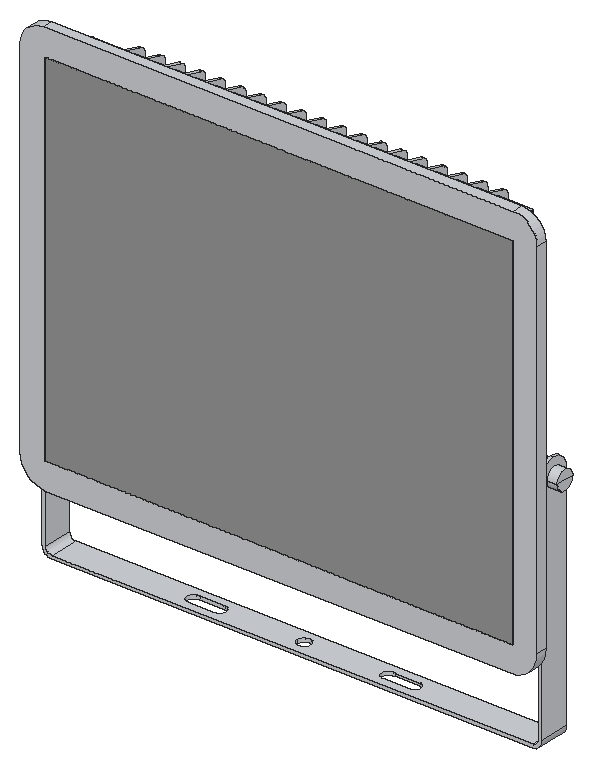
Revit family "0050126", category Lighting Fixtures, Revit 2017
Family settings
  Round Connector Dimension = Use Diameter
  Part Type = Normal
  OmniClass Number = 23.80.70.00
  OmniClass Title = Lighting
  Work Plane-Based = No
  Always vertical = Yes
  Cut with Voids When Loaded = No
  Light Source = Yes
  Shared = No
  Room Calculation Point = No
Parameters (values of type "0050126 ST FLD FLT IP65 10000LM 840 BK")
  Weight = "7.14 kg"
  Wattage = 73 W
  WarrantyStartDate [instance] = "n/a"
  WarrantyGuarantorParts = "n/a"
  WarrantyDurationUnit = "n/a"
  WarrantyDurationParts = "n/a"
  WarrantyDescription = "n/a"
  built-in parameter 1150110 = 1 (stored number, unit not read)
  Voltage = 0 V
  URL = "http://www.sylvania-lighting.com"
  TypeName = "Start Flood Flat IP65 10000LM 840 Black"
  built-in parameter 1114217 = 1 (stored number, unit not read)
  Tilt Angle = 0.00°
  built-in parameter 1150109 = 1 (stored number, unit not read)
  built-in parameter 1150134 = 12
  built-in parameter 1150113 = 1 (stored number, unit not read)
  SerialNumber [instance] = "n/a"
  PowerFactor = 0.9
  PowerConsumption = "73 W"
  Photometric Web File = "0050126.ies"
  NominalWidth = 0 mm
  NominalLength = 195 mm
  NominalHeight = 33 mm
  Name = "Start Flood Flat IP65 10000LM 840 Black"
  ModelReference = "Start Flood Flat IP65 10000LM 840 Black"
  ModelNumber = "0050126"
  Model = "Start Flood Flat IP65 10000LM 840 Black"
  Material_4_FEILO = none
  Material_3_FEILO = none
  Material_2_FEILO = Default New Material
  Material_1_FEILO = none
  Material = "n/a"
  ManufacturerName = "Feilo Sylvania"
  Manufacturer = "Feilo Sylvania"
  LuminousEfficacy = "137 lm/W"
  Lumens = 10001 lm
  LuminaireType = ""
  built-in parameter 1150115 = 1 (stored number, unit not read)
  built-in parameter 1150105 = -35673567 (stored number, unit not read)
  LightOutputRatio = "n/a"
  built-in parameter 1150137 = (empty or 0)
  built-in parameter 1150139 = (empty or 0)
  LampsType = "LED"
  LampNominalLuminous = "10000 lm"
  LampMacAdamStep = "5"
  LampColourTemperature = "4000 K"
  LampColourRenderingIndex = "80"
  built-in parameter 1150112 = 1 (stored number, unit not read)
  built-in parameter 1150114 = 1 (stored number, unit not read)
  Lamp = "LED"
  LUM_WIDTH_SYL = 121.5 mm  # constant formula
  LUM_HEIGHT_SYL = 97.5 mm  # constant formula
  LUM_EXTR_ST_SYL = -5 mm
  LUM_EXTR_END_SYL = 0 mm
  LUM_DEPTH_SYL = 33 mm
  Keynote = "16500"
  InstallationDate [instance] = "n/a"
  InputVoltage = "n/a"
  InputNominalFrequency = "n/a"
  built-in parameter 1150132 = 2
  built-in parameter 1150102 = (empty or 0)
  built-in parameter 1150138 = (empty or 0)
  built-in parameter 1150107 = 4000 (stored number, unit not read)
  IngressProtection = "IP65"
  ImpactProtectionIndex = "IK07"
  built-in parameter 1150106 = -356735.7 (stored number, unit not read)
  IfcExportType = "IfcLightFixtureType"
  IfcExportAs = "IfcLightFixtureType"
  ElectricShockClassification = "Class I"
  built-in parameter 1150104 = 12.728 (stored number, unit not read)
  DocumentationLiterature = "http://www.sylvania-lighting.com/product/en-int/products/0050126"
  DimmingControlOptions = "n/a"
  Dimming Lamp Color Temperature Shift = <None>
  DIF_WIDTH_SYL = 110 mm  # constant formula
  DIF_HEIGHT_SYL = 85 mm  # constant formula
  CreatedOn = "12/2/2020"
  CreatedBy = "@sylvania-lighting.com"
  Color Filter = 16777215
  ClassificationValue = "EF_70_80"
  ClassificationName = "Uniclass2015"
  CABLE_SIDE_DIST_SYL = 47 mm
  CABLE_LENGTH_SYL = 5 mm
  CABLE_FRONT_DIST_SYL = 17.5 mm
  CABLES_DIST_SYL = 160 mm
  BarCode [instance] = "n/a"
  built-in parameter 1114218 = 1 (stored number, unit not read)
  B_RAIL_R_DIST_SYL = 7 mm
  B_RAIL_HEIGHT_SYL = 27 mm
  B_RAIL_DEPTH_SYL = 44 mm
  B_RAIL_CHAMFER_SYL = 7 mm
  BRACKET_HOLDER_WIDTH_SYL = 12 mm
  BRACKET_HOLDER_HEIGHT_SYL = 17 mm
  BRACKET_HOLDER_DIST_SIDE_SYL = 2.8 mm
  BRACKET_HOLDER_DIST_BOTT_SYL = 73.5 mm
  BRACKET_HOLDER_DEPTH_SYL = 5.7 mm
  BOX_WIDTH_SYL = 104 mm
  BOX_TOP_DIST_SYL = 10.5 mm
  BOX_DEPTH_SYL = 14 mm
  BOX_BOTT_DIST_SYL = 28 mm
  BACK_RAIL_WIDTH_SYL = 1.4 mm
  BACK_RAIL_SIDE_DIST_SYL = 19 mm
  BACK_PL_EXTR_ST_SYL = -6 mm
  BACK_PL_EXTR_ST(-1)_SYL = BACK_PL_EXTR_ST_SYL * (-1)  # 6 mm
  BACK_PL_EXTR_END_SYL = -3 mm
  BACK_PL_EXTR_END(-1)_SYL = BACK_PL_EXTR_END_SYL * (-1)  # 3 mm
  built-in parameter 1150133 = 10 (stored number, unit not read)
  AssetType = "Fixed"
  AssetIdentifier [instance] = "n/a"
  Assembly Code = "D5020200"
  Apparent Load = 73 VA
  0_18W_SYL = yes
Types (10, lengths in mm): name | Wattage | TypeName | built-in parameter 1150134 | PowerConsumption | Photometric Web File | Name | ModelReference | ModelNumber | Model | LuminousEfficacy | Lumens | built-in parameter 1150105 | LampNominalLuminous | LampColourTemperature | built-in parameter 1150107 | built-in parameter 1150106 | built-in parameter 1150104 | DocumentationLiterature | Apparent Load
  0050156 ST FLD FLT IP65 10000LM 865 BK | 73 W | "Start Flood Flat IP65 10000LM 865 Black" | 1 | "73 W" | "0050156.ies" | "Start Flood Flat IP65 10000LM 865 Black" | "Start Flood Flat IP65 10000LM 865 Black" | "0050156" | "Start Flood Flat IP65 10000LM 865 Black" | "137 lm/W" | 10001 lm | -35673567 (stored number, unit not read) | "10000 lm" | "6500 K" | 6500 (stored number, unit not read) | -356735.7 (stored number, unit not read) | 12.728 (stored number, unit not read) | "http://www.sylvania-lighting.com/product/en-int/products/0050156" | 73 VA
  0050155 ST FLD FLT IP65 7000LM 865 BK | 63 W | "Start Flood Flat IP65 7000LM 865 Black" | 1 | "63 W" | "0050155.ies" | "Start Flood Flat IP65 7000LM 865 Black" | "Start Flood Flat IP65 7000LM 865 Black" | "0050155" | "Start Flood Flat IP65 7000LM 865 Black" | "111 lm/W" | 6993 lm | -17637045.3 (stored number, unit not read) | "7000 lm" | "6500 K" | 6500 (stored number, unit not read) | -176370.5 (stored number, unit not read) | 10.312 (stored number, unit not read) | "http://www.sylvania-lighting.com/product/en-int/products/0050155" | 63 VA
  0050128 ST FLD FLT IP65 10000LM 840 WH | 73 W | "Start Flood Flat IP65 10000LM 840 White" | 12 | "73 W" | "0050128.ies" | "Start Flood Flat IP65 10000LM 840 White" | "Start Flood Flat IP65 10000LM 840 White" | "0050128" | "Start Flood Flat IP65 10000LM 840 White" | "137 lm/W" | 10001 lm | -35673567 (stored number, unit not read) | "10000 lm" | "4000 K" | 4000 (stored number, unit not read) | -356735.7 (stored number, unit not read) | 12.728 (stored number, unit not read) | "http://www.sylvania-lighting.com/product/en-int/products/0050128" | 73 VA
  0050127 ST FLD FLT IP65 9300LM 830 WH | 73 W | "Start Flood Flat IP65 9300LM 830 White" | (empty or 0) | "73 W" | "0050127.ies" | "Start Flood Flat IP65 9300LM 830 White" | "Start Flood Flat IP65 9300LM 830 White" | "0050127" | "Start Flood Flat IP65 9300LM 830 White" | "127 lm/W" | 9271 lm | -30754781 (stored number, unit not read) | "9300 lm" | "3000 K" | 3000 (stored number, unit not read) | -307547.8 (stored number, unit not read) | 11.799 (stored number, unit not read) | "http://www.sylvania-lighting.com/product/en-int/products/0050127" | 73 VA
  0050126 ST FLD FLT IP65 10000LM 840 BK | 73 W | "Start Flood Flat IP65 10000LM 840 Black" | 12 | "73 W" | "0050126.ies" | "Start Flood Flat IP65 10000LM 840 Black" | "Start Flood Flat IP65 10000LM 840 Black" | "0050126" | "Start Flood Flat IP65 10000LM 840 Black" | "137 lm/W" | 10001 lm | -35673567 (stored number, unit not read) | "10000 lm" | "4000 K" | 4000 (stored number, unit not read) | -356735.7 (stored number, unit not read) | 12.728 (stored number, unit not read) | "http://www.sylvania-lighting.com/product/en-int/products/0050126" | 73 VA
  0050125 ST FLD FLT IP65 9300LM 830 BK | 73 W | "Start Flood Flat IP65 9300LM 830 Black" | (empty or 0) | "73 W" | "0050125.ies" | "Start Flood Flat IP65 9300LM 830 Black" | "Start Flood Flat IP65 9300LM 830 Black" | "0050125" | "Start Flood Flat IP65 9300LM 830 Black" | "127 lm/W" | 9271 lm | -30754781 (stored number, unit not read) | "9300 lm" | "3000 K" | 3000 (stored number, unit not read) | -307547.8 (stored number, unit not read) | 11.799 (stored number, unit not read) | "http://www.sylvania-lighting.com/product/en-int/products/0050125" | 73 VA
  0050124 ST FLD FLT IP65 7000LM 840 WH | 63 W | "Start Flood Flat IP65 7000LM 840 White" | 12 | "63 W" | "0050124.ies" | "Start Flood Flat IP65 7000LM 840 White" | "Start Flood Flat IP65 7000LM 840 White" | "0050124" | "Start Flood Flat IP65 7000LM 840 White" | "111 lm/W" | 6993 lm | -17637045.3 (stored number, unit not read) | "7000 lm" | "4000 K" | 4000 (stored number, unit not read) | -176370.5 (stored number, unit not read) | 10.312 (stored number, unit not read) | "http://www.sylvania-lighting.com/product/en-int/products/0050124" | 63 VA
  0050123 ST FLD FLT IP65 6500LM 830 WH | 63 W | "Start Flood Flat IP65 6500LM 830 White" | (empty or 0) | "63 W" | "0050123.ies" | "Start Flood Flat IP65 6500LM 830 White" | "Start Flood Flat IP65 6500LM 830 White" | "0050123" | "Start Flood Flat IP65 6500LM 830 White" | "103 lm/W" | 6489 lm | -15196913.6 (stored number, unit not read) | "6500 lm" | "3000 K" | 3000 (stored number, unit not read) | -151969.1 (stored number, unit not read) | 9.569 (stored number, unit not read) | "http://www.sylvania-lighting.com/product/en-int/products/0050123" | 63 VA
  0050122 ST FLD FLT IP65 7000LM 840 BK | 63 W | "Start Flood Flat IP65 7000LM 840 Black" | 12 | "63 W" | "0050122.ies" | "Start Flood Flat IP65 7000LM 840 Black" | "Start Flood Flat IP65 7000LM 840 Black" | "0050122" | "Start Flood Flat IP65 7000LM 840 Black" | "111 lm/W" | 6993 lm | -17637045.3 (stored number, unit not read) | "7000 lm" | "4000 K" | 4000 (stored number, unit not read) | -176370.5 (stored number, unit not read) | 10.312 (stored number, unit not read) | "http://www.sylvania-lighting.com/product/en-int/products/0050122" | 63 VA
  0050121 ST FLD FLT IP65 6500LM 830 BK | 63 W | "Start Flood Flat IP65 6500LM 830 Black" | (empty or 0) | "63 W" | "0050121.ies" | "Start Flood Flat IP65 6500LM 830 Black" | "Start Flood Flat IP65 6500LM 830 Black" | "0050121" | "Start Flood Flat IP65 6500LM 830 Black" | "103 lm/W" | 6489 lm | -15196913.6 (stored number, unit not read) | "6500 lm" | "3000 K" | 3000 (stored number, unit not read) | -151969.1 (stored number, unit not read) | 9.569 (stored number, unit not read) | "http://www.sylvania-lighting.com/product/en-int/products/0050121" | 63 VA
Reference planes
  plane 1 "Light Source Axis (F/B)": y = 0
  plane 2: z = 0
  plane 3 "Light Source Axis (L/R)": x = 0
  plane 4 "Light Source Elevation": z = -0.469
  plane 5: x = 121.5
  plane 6: x = -121.5
  plane 7: z = 97.5
  plane 8: z = -97.5
  plane 9: x = 110
  plane 10: x = -110
  plane 11: z = 85
  plane 12: z = -85
  plane 13: y = 6
  plane 14: y = 3
  plane 15: x = -104
  plane 16: x = 104
  plane 17: y = 20
  plane 18: z = 87
  plane 19: z = -69.5
  plane 20: y = 33
  plane 21: z = -24
  plane 22: z = -12
  plane 23: y = 21
  plane 24: x = 54.2
  plane 25: x = 39.5
  plane 26: x = 74.5
  plane 27: y = 14
  plane 28: z = -38
  plane 29: y = 27
  plane 30: z = -25.5
  plane 31: z = -32.5
  plane 32: x = 102.5
  plane 33: x = 101.1
  plane 34: x = 94.1
  plane 35: x = 20.8
  plane 36: x = 13.8
  plane 37: x = 12.4
  plane 38: x = 5.4
  plane 39: x = 4
  plane 40: z = -50.4
  plane 41: z = -76.1
  plane 42: x = 116
  plane 43: x = 110.3
  plane 44: x = -86
  plane 45: x = -84.6
Forms (mm)
  Extrusion 1, solid
    sketch origin (0, 0, 0) x (1, 0, 0) y (0, 0, 1)
      loop
        arc (-110.5, 97.5) -> (-118.278, 94.278) -> (-121.5, 86.5) r 11
        line (-121.5, 86.5) -> (-121.5, -85)
        arc (-121.5, -85) -> (-117.839, -93.839) -> (-109, -97.5) r 12.5
        line (-109, -97.5) -> (109, -97.5)
        arc (109, -97.5) -> (117.839, -93.839) -> (121.5, -85) r 12.5
        line (121.5, -85) -> (121.5, 86.5)
        arc (121.5, 86.5) -> (118.278, 94.278) -> (110.5, 97.5) r 11
        line (110.5, 97.5) -> (-110.5, 97.5)
      loop
        line (-110, 85) -> (-110, -85) -> (110, -85) -> (110, 85) -> (-110, 85)
    from -5 <- "LUM_EXTR_ST_SYL" to 0 <- "LUM_EXTR_END_SYL"
  Extrusion 2, solid, material "Default New Material" <- "Material_2_FEILO"
    sketch origin (0, 0, 0) x (1, 0, 0) y (0, 0, 1)
      loop
        line (-110, 85) -> (-110, -85) -> (110, -85) -> (110, 85) -> (-110, 85)
    from -3 <- "BACK_PL_EXTR_END_SYL" to 0 <- "LUM_EXTR_END_SYL"
  Extrusion 3, solid
    sketch origin (0, 0, 0) x (1, 0, 0) y (0, 0, 1)
      loop
        line (110, 85) -> (-110, 85) -> (-110, -85) -> (110, -85) -> (110, 85)
    from -6 <- "BACK_PL_EXTR_ST_SYL" to -3 <- "BACK_PL_EXTR_END_SYL"
  Extrusion 4, solid
    sketch origin (0, 0, 0) x (1, 0, 0) y (0, 1, 0)
      loop
        arc (-103, 20) -> (-103.707, 19.707) -> (-104, 19) r 1
        line (-104, 19) -> (-104, 6) -> (104, 6) -> (104, 19)
        arc (104, 19) -> (103.707, 19.707) -> (103, 20) r 1
        line (103, 20) -> (-103, 20)
    from -69.5 to 87
  Extrusion 5, solid
    sketch origin (0, 0, 0) x (1, 0, 0) y (0, 1, 0)
      loop
        arc (-91, 33) -> (-100.192, 29.192) -> (-104, 20) r 13
        line (-104, 20) -> (-104, 6) -> (104, 6) -> (104, 20)
        arc (104, 20) -> (100.192, 29.192) -> (91, 33) r 13
        line (91, 33) -> (-91, 33)
    from -85 to -43
  Extrusion 6, solid
    sketch origin (0, 0, 0) x (0, 1, 0) y (0, 0, 1)
      loop
        line (5, -12) -> (5, -24) -> (15, -24)
        arc (15, -24) -> (19.243, -22.243) -> (21, -18) r 6
        arc (21, -18) -> (19.243, -13.757) -> (15, -12) r 6
        line (15, -12) -> (5, -12)
      loop
        circle (15, -18) r 2.5
    from 110.3 to 116
  Extrusion 7, solid
    sketch origin (0, 0, 0) x (1, 0, 0) y (0, 1, 0)
      loop
        circle (-85.5, 14) r 7
      loop
        circle (74.5, 14) r 9
    from -78.208 to -92.979
  Extrusion 8, solid
    sketch origin (-75.017, 5.639, -10.469) x (0, 1, 0) y (0, 0, -1)
      loop
        line (-0.625, 59.469) -> (-0.625, -15.688) -> (-0.625, -103.168) -> (19.238, -97.469)
        arc (19.238, -97.469) -> (20.908, -96.206) -> (21.299, -94.149) r 2.911
        line (21.299, -94.149) -> (21.299, 59.469) -> (-0.625, 59.469)
    from 9.583 to 10.983
  Extrusion 9, solid
    sketch origin (0, 0, 0) x (0, 1, 0) y (0, 0, -1)
      loop
        line (5, 12) -> (15, 12)
        arc (15, 12) -> (19.243, 13.757) -> (21, 18) r 6
        arc (21, 18) -> (19.243, 22.243) -> (15, 24) r 6
        line (15, 24) -> (5, 24) -> (5, 12)
      loop
        circle (15, 18) r 2.5
    from 110.3 to 116
  Extrusion 10, solid
    sketch origin (75.017, 5.639, -10.469) x (0, 1, 0) y (0, 0, 1)
      loop
        line (-0.625, -59.469) -> (21.299, -59.469) -> (21.299, 94.149)
        arc (21.299, 94.149) -> (20.908, 96.206) -> (19.238, 97.469) r 2.911
        line (19.238, 97.469) -> (-0.625, 103.168) -> (-0.625, 15.688) -> (-0.625, -59.469)
    from 9.583 to 10.983
  Extrusion 11, solid
    sketch origin (95.583, 5.639, -10.469) x (0, 1, 0) y (0, 0, -1)
      loop
        line (-0.625, 59.469) -> (-0.625, -15.688) -> (-0.625, -103.168) -> (19.238, -97.469)
        arc (19.238, -97.469) -> (20.908, -96.206) -> (21.299, -94.149) r 2.911
        line (21.299, -94.149) -> (21.299, 59.469) -> (-0.625, 59.469)
    from 9.583 to 10.983
  Extrusion 12, solid
    sketch origin (-65.539, 5.639, -10.469) x (0, 1, 0) y (0, 0, -1)
      loop
        line (-0.625, 59.469) -> (-0.625, -15.688) -> (-0.625, -103.168) -> (19.238, -97.469)
        arc (19.238, -97.469) -> (20.908, -96.206) -> (21.299, -94.149) r 2.911
        line (21.299, -94.149) -> (21.299, 59.469) -> (-0.625, 59.469)
    from 9.583 to 10.983
  Extrusion 13, solid
    sketch origin (-56.061, 5.639, -10.469) x (0, 1, 0) y (0, 0, -1)
      loop
        line (-0.625, 59.469) -> (-0.625, -15.688) -> (-0.625, -103.168) -> (19.238, -97.469)
        arc (19.238, -97.469) -> (20.908, -96.206) -> (21.299, -94.149) r 2.911
        line (21.299, -94.149) -> (21.299, 59.469) -> (-0.625, 59.469)
    from 9.583 to 10.983
  Extrusion 14, solid
    sketch origin (-46.583, 5.639, -10.469) x (0, 1, 0) y (0, 0, -1)
      loop
        line (-0.625, 59.469) -> (-0.625, -15.688) -> (-0.625, -103.168) -> (19.238, -97.469)
        arc (19.238, -97.469) -> (20.908, -96.206) -> (21.299, -94.149) r 2.911
        line (21.299, -94.149) -> (21.299, 59.469) -> (-0.625, 59.469)
    from 9.583 to 10.983
  Extrusion 15, solid
    sketch origin (-37.106, 5.639, -10.469) x (0, 1, 0) y (0, 0, -1)
      loop
        line (-0.625, 59.469) -> (-0.625, -15.688) -> (-0.625, -103.168) -> (19.238, -97.469)
        arc (19.238, -97.469) -> (20.908, -96.206) -> (21.299, -94.149) r 2.911
        line (21.299, -94.149) -> (21.299, 59.469) -> (-0.625, 59.469)
    from 9.583 to 10.983
  Extrusion 16, solid
    sketch origin (-27.628, 5.639, -10.469) x (0, 1, 0) y (0, 0, -1)
      loop
        line (-0.625, 59.469) -> (-0.625, -15.688) -> (-0.625, -103.168) -> (19.238, -97.469)
        arc (19.238, -97.469) -> (20.908, -96.206) -> (21.299, -94.149) r 2.911
        line (21.299, -94.149) -> (21.299, 59.469) -> (-0.625, 59.469)
    from 9.583 to 10.983
  Extrusion 17, solid
    sketch origin (-18.15, 5.639, -10.469) x (0, 1, 0) y (0, 0, -1)
      loop
        line (-0.625, 59.469) -> (-0.625, -15.688) -> (-0.625, -103.168) -> (19.238, -97.469)
        arc (19.238, -97.469) -> (20.908, -96.206) -> (21.299, -94.149) r 2.911
        line (21.299, -94.149) -> (21.299, 59.469) -> (-0.625, 59.469)
    from 9.583 to 10.983
  Extrusion 18, solid
    sketch origin (-8.672, 5.639, -10.469) x (0, 1, 0) y (0, 0, -1)
      loop
        line (-0.625, 59.469) -> (-0.625, -15.688) -> (-0.625, -103.168) -> (19.238, -97.469)
        arc (19.238, -97.469) -> (20.908, -96.206) -> (21.299, -94.149) r 2.911
        line (21.299, -94.149) -> (21.299, 59.469) -> (-0.625, 59.469)
    from 9.583 to 10.983
  Extrusion 19, solid
    sketch origin (0.806, 5.639, -10.469) x (0, 1, 0) y (0, 0, -1)
      loop
        line (-0.625, 59.469) -> (-0.625, -15.688) -> (-0.625, -103.168) -> (19.238, -97.469)
        arc (19.238, -97.469) -> (20.908, -96.206) -> (21.299, -94.149) r 2.911
        line (21.299, -94.149) -> (21.299, 59.469) -> (-0.625, 59.469)
    from 9.583 to 10.983
  Extrusion 20, solid
    sketch origin (10.283, 5.639, -10.469) x (0, 1, 0) y (0, 0, -1)
      loop
        line (-0.625, 59.469) -> (-0.625, -15.688) -> (-0.625, -103.168) -> (19.238, -97.469)
        arc (19.238, -97.469) -> (20.908, -96.206) -> (21.299, -94.149) r 2.911
        line (21.299, -94.149) -> (21.299, 59.469) -> (-0.625, 59.469)
    from 9.583 to 10.983
  Extrusion 21, solid
    sketch origin (19.761, 5.639, -10.469) x (0, 1, 0) y (0, 0, -1)
      loop
        line (-0.625, 59.469) -> (-0.625, -15.688) -> (-0.625, -103.168) -> (19.238, -97.469)
        arc (19.238, -97.469) -> (20.908, -96.206) -> (21.299, -94.149) r 2.911
        line (21.299, -94.149) -> (21.299, 59.469) -> (-0.625, 59.469)
    from 9.583 to 10.983
  Extrusion 22, solid
    sketch origin (29.239, 5.639, -10.469) x (0, 1, 0) y (0, 0, -1)
      loop
        line (-0.625, 59.469) -> (-0.625, -15.688) -> (-0.625, -103.168) -> (19.238, -97.469)
        arc (19.238, -97.469) -> (20.908, -96.206) -> (21.299, -94.149) r 2.911
        line (21.299, -94.149) -> (21.299, 59.469) -> (-0.625, 59.469)
    from 9.583 to 10.983
  Extrusion 23, solid
    sketch origin (38.717, 5.639, -10.469) x (0, 1, 0) y (0, 0, -1)
      loop
        line (-0.625, 59.469) -> (-0.625, -15.688) -> (-0.625, -103.168) -> (19.238, -97.469)
        arc (19.238, -97.469) -> (20.908, -96.206) -> (21.299, -94.149) r 2.911
        line (21.299, -94.149) -> (21.299, 59.469) -> (-0.625, 59.469)
    from 9.583 to 10.983
  Extrusion 24, solid
    sketch origin (48.194, 5.639, -10.469) x (0, 1, 0) y (0, 0, -1)
      loop
        line (-0.625, 59.469) -> (-0.625, -15.688) -> (-0.625, -103.168) -> (19.238, -97.469)
        arc (19.238, -97.469) -> (20.908, -96.206) -> (21.299, -94.149) r 2.911
        line (21.299, -94.149) -> (21.299, 59.469) -> (-0.625, 59.469)
    from 9.583 to 10.983
  Extrusion 25, solid
    sketch origin (57.672, 5.639, -10.469) x (0, 1, 0) y (0, 0, -1)
      loop
        line (-0.625, 59.469) -> (-0.625, -15.688) -> (-0.625, -103.168) -> (19.238, -97.469)
        arc (19.238, -97.469) -> (20.908, -96.206) -> (21.299, -94.149) r 2.911
        line (21.299, -94.149) -> (21.299, 59.469) -> (-0.625, 59.469)
    from 9.583 to 10.983
  Extrusion 26, solid
    sketch origin (67.15, 5.639, -10.469) x (0, 1, 0) y (0, 0, -1)
      loop
        line (-0.625, 59.469) -> (-0.625, -15.688) -> (-0.625, -103.168) -> (19.238, -97.469)
        arc (19.238, -97.469) -> (20.908, -96.206) -> (21.299, -94.149) r 2.911
        line (21.299, -94.149) -> (21.299, 59.469) -> (-0.625, 59.469)
    from 9.583 to 10.983
  Extrusion 27, solid
    sketch origin (76.628, 5.639, -10.469) x (0, 1, 0) y (0, 0, -1)
      loop
        line (-0.625, 59.469) -> (-0.625, -15.688) -> (-0.625, -103.168) -> (19.238, -97.469)
        arc (19.238, -97.469) -> (20.908, -96.206) -> (21.299, -94.149) r 2.911
        line (21.299, -94.149) -> (21.299, 59.469) -> (-0.625, 59.469)
    from 9.583 to 10.983
  Extrusion 28, solid
    sketch origin (86.106, 5.639, -10.469) x (0, 1, 0) y (0, 0, -1)
      loop
        line (-0.625, 59.469) -> (-0.625, -15.688) -> (-0.625, -103.168) -> (19.238, -97.469)
        arc (19.238, -97.469) -> (20.908, -96.206) -> (21.299, -94.149) r 2.911
        line (21.299, -94.149) -> (21.299, 59.469) -> (-0.625, 59.469)
    from 9.583 to 10.983
Cuts and joins
  joined: Extrusion 1, Extrusion 3, Extrusion 4, Extrusion 5
Dimensions and locks
  "LUM_WIDTH_SYL": plane 5 to plane 3 "Light Source Axis (L/R)" to plane 6
  "LUM_HEIGHT_SYL": plane 7 to plane 2 to plane 8
  "DIF_WIDTH_SYL": plane 9 to plane 3 "Light Source Axis (L/R)" to plane 10
  "DIF_HEIGHT_SYL": plane 11 to plane 2 to plane 12
  "BACK_PL_EXTR_ST(-1)_SYL": plane 1 "Light Source Axis (F/B)" to plane 13
  "BACK_PL_EXTR_END(-1)_SYL": plane 1 "Light Source Axis (F/B)" to plane 14
  "BOX_WIDTH_SYL": plane 15 to plane 3 "Light Source Axis (L/R)" to plane 16
  "BOX_DEPTH_SYL": plane 13 to plane 17
  "BOX_TOP_DIST_SYL": plane 18 to plane 7
  "BOX_BOTT_DIST_SYL": plane 8 to plane 19
  "LUM_DEPTH_SYL": plane 1 "Light Source Axis (F/B)" to plane 20
  "BRACKET_HOLDER_DIST_BOTT_SYL": plane 21 to plane 8
  "BRACKET_HOLDER_WIDTH_SYL": plane 22 to plane 21
  cut or joined group of Extrusion 1, Extrusion 3, Extrusion 4, Extrusion 5 to plane 23 = 15 mm
  cut or joined group of Extrusion 1, Extrusion 3, Extrusion 4, Extrusion 5 to plane 24 = 67.3 mm
  plane 25 to plane 24 = 14.7 mm
  "CABLE_SIDE_DIST_SYL": plane 26 to plane 5
  cut or joined group of Extrusion 1, Extrusion 3, Extrusion 4, Extrusion 5 to plane 27 = 14 mm
  "B_RAIL_HEIGHT_SYL": plane 29 to plane 1 "Light Source Axis (F/B)"
  "B_RAIL_DEPTH_SYL": plane 30 to plane 19
  "B_RAIL_CHAMFER_SYL": plane 30 to plane 31
  "BACK_RAIL_SIDE_DIST_SYL": plane 5 to plane 32
  "BACK_RAIL_WIDTH_SYL": plane 32 to plane 33
  "B_RAIL_R_DIST_SYL": plane 33 to plane 34
  "B_RAIL_R_DIST_SYL": plane 35 to plane 36
  "BACK_RAIL_WIDTH_SYL": plane 36 to plane 37
  "BACK_RAIL_WIDTH_SYL": plane 38 to plane 39
  "B_RAIL_R_DIST_SYL": plane 37 to plane 38
  plane 34 to plane 26 = 19.6 mm
  equal spacing: group 1, group 3, group 4, group 5, group 6, group 7, group 8, group 9, group 10, group 11, group 12, group 13, group 14, group 15, group 16, group 17, group 18, group 19, group 2  (x3)
  aligned and locked: plane 4 "Light Source Elevation" to imposter light
  aligned and locked: level to plane 2
  aligned and locked: Extrusion 1 sketch curve to plane 7
  aligned and locked: plane 6 to Extrusion 1 sketch curve
  aligned and locked: plane 8 to Extrusion 1 sketch curve
  aligned and locked: Extrusion 1 sketch curve to plane 5
  aligned and locked: Extrusion 1 sketch curve to plane 11
  aligned and locked: plane 10 to Extrusion 1 sketch curve
  aligned and locked: plane 12 to Extrusion 1 sketch curve
  aligned and locked: Extrusion 1 sketch curve to plane 9
  aligned and locked: Extrusion 2 sketch curve to Extrusion 1  (x4)
  aligned and locked: Extrusion 3 sketch curve to Extrusion 1  (x4)
  aligned and locked: Extrusion 3 to Extrusion 2
  aligned and locked: plane 17 to Extrusion 4 sketch curve
  aligned and locked: plane 15 to Extrusion 4 sketch curve
  aligned and locked: Extrusion 4 sketch curve to plane 13
  aligned and locked: Extrusion 4 sketch curve to plane 16
  aligned and locked: plane 18 to Extrusion 4
  aligned and locked: Extrusion 4 to plane 19
  aligned and locked: plane 20 to Extrusion 5 sketch curve
  aligned and locked: plane 15 to Extrusion 5 sketch curve
  aligned and locked: cut or joined group of Extrusion 1, Extrusion 3, Extrusion 4, Extrusion 5 to Extrusion 5 sketch curve
  aligned and locked: Extrusion 5 sketch curve to cut or joined group of Extrusion 1, Extrusion 3, Extrusion 4, Extrusion 5
  aligned and locked: Extrusion 5 to plane 12
  aligned and locked: Extrusion 6 sketch curve to plane 22
  aligned and locked: plane 21 to Extrusion 6 sketch curve
  aligned and locked: Extrusion 6 to cut or joined group of Extrusion 1, Extrusion 3, Extrusion 4, Extrusion 5
  aligned and locked: Extrusion 6 to plane 42
  aligned and locked: plane 43 to Extrusion 6
  aligned and locked: Extrusion 8 to plane 44
  aligned and locked: Extrusion 8 to plane 45
Automatic sketch dimensions
  Extrusion 1 sketch curve to plane 12 = 0 mm  (x2)
  Extrusion 1 sketch curve to plane 10 = 0.5 mm
  Extrusion 1 sketch curve to plane 43 = 0.2 mm
  plane 15 to Extrusion 4 sketch curve = 1 mm
  plane 32 to Extrusion 4 sketch curve = 0.5 mm
  Extrusion 5 sketch curve to plane 15 = 0 mm
  plane 17 to Extrusion 5 sketch curve = 0 mm  (x2)
  Extrusion 6 sketch curve to Extrusion 6 sketch curve = 0 mm  (x5)
  Extrusion 6 sketch curve to plane 23 = 0 mm
  plane 13 to Extrusion 6 sketch curve = 1 mm
  Extrusion 7 sketch curve to plane 27 = 0 mm
  Extrusion 7 sketch curve to plane 26 = 0 mm
  plane 27 to Extrusion 7 sketch curve = 0 mm
  plane 44 to Extrusion 7 sketch curve = 0.5 mm
  Extrusion 8 sketch curve to Extrusion 8 sketch curve = 0.803 mm
  Extrusion 9 sketch curve to Extrusion 9 sketch curve = 0 mm  (x6)
  Extrusion 9 sketch curve to plane 21 = 0 mm
  Extrusion 9 sketch curve to plane 22 = 0 mm
  Extrusion 9 sketch curve to plane 23 = 0 mm
  plane 13 to Extrusion 9 sketch curve = 1 mm
  Extrusion 10 sketch curve to plane 18 = 0 mm
  Extrusion 10 sketch curve to plane 19 = 0.438 mm
  plane 13 to Extrusion 10 sketch curve = 0.986 mm
  Extrusion 10 sketch curve to plane 11 = 0.798 mm
  plane 29 to Extrusion 10 sketch curve = 2.927 mm
  Extrusion 10 sketch curve to Extrusion 10 sketch curve = 0.803 mm
  plane 29 to Extrusion 10 sketch curve = 0.062 mm
  level to Extrusion 10 sketch curve = 5.219 mm
  Extrusion 8 sketch curve to Extrusion 8 sketch curve = 19.06 mm
  Extrusion 8 sketch curve to Extrusion 8 sketch curve = 21.924 mm
  Extrusion 8 sketch curve to Extrusion 8 sketch curve = 5.699 mm
  Extrusion 8 sketch curve to Extrusion 8 sketch curve = 78.983 mm
  Extrusion 8 sketch curve to Extrusion 8 sketch curve = 75.156 mm
  Extrusion 11 sketch curve to Extrusion 11 sketch curve = 0.803 mm
  Extrusion 11 sketch curve to Extrusion 11 sketch curve = 19.06 mm
  Extrusion 11 sketch curve to Extrusion 11 sketch curve = 21.924 mm
  Extrusion 11 sketch curve to Extrusion 11 sketch curve = 5.699 mm
  Extrusion 11 sketch curve to Extrusion 11 sketch curve = 78.983 mm
  Extrusion 11 sketch curve to Extrusion 11 sketch curve = 75.156 mm
  Extrusion 12 sketch curve to Extrusion 12 sketch curve = 0.803 mm
  Extrusion 12 sketch curve to Extrusion 12 sketch curve = 19.06 mm
  Extrusion 12 sketch curve to Extrusion 12 sketch curve = 21.924 mm
  Extrusion 12 sketch curve to Extrusion 12 sketch curve = 5.699 mm
  Extrusion 12 sketch curve to Extrusion 12 sketch curve = 78.983 mm
  Extrusion 12 sketch curve to Extrusion 12 sketch curve = 75.156 mm
  Extrusion 13 sketch curve to Extrusion 13 sketch curve = 0.803 mm
  Extrusion 13 sketch curve to Extrusion 13 sketch curve = 19.06 mm
  Extrusion 13 sketch curve to Extrusion 13 sketch curve = 21.924 mm
  Extrusion 13 sketch curve to Extrusion 13 sketch curve = 5.699 mm
  Extrusion 13 sketch curve to Extrusion 13 sketch curve = 78.983 mm
  Extrusion 13 sketch curve to Extrusion 13 sketch curve = 75.156 mm
  Extrusion 14 sketch curve to Extrusion 14 sketch curve = 0.803 mm
  Extrusion 14 sketch curve to Extrusion 14 sketch curve = 19.06 mm
  Extrusion 14 sketch curve to Extrusion 14 sketch curve = 21.924 mm
  Extrusion 14 sketch curve to Extrusion 14 sketch curve = 5.699 mm
  Extrusion 14 sketch curve to Extrusion 14 sketch curve = 78.983 mm
  Extrusion 14 sketch curve to Extrusion 14 sketch curve = 75.156 mm
  Extrusion 15 sketch curve to Extrusion 15 sketch curve = 0.803 mm
  Extrusion 15 sketch curve to Extrusion 15 sketch curve = 19.06 mm
  Extrusion 15 sketch curve to Extrusion 15 sketch curve = 21.924 mm
  Extrusion 15 sketch curve to Extrusion 15 sketch curve = 5.699 mm
  Extrusion 15 sketch curve to Extrusion 15 sketch curve = 78.983 mm
  Extrusion 15 sketch curve to Extrusion 15 sketch curve = 75.156 mm
  Extrusion 16 sketch curve to Extrusion 16 sketch curve = 0.803 mm
  Extrusion 16 sketch curve to Extrusion 16 sketch curve = 19.06 mm
  Extrusion 16 sketch curve to Extrusion 16 sketch curve = 21.924 mm
  Extrusion 16 sketch curve to Extrusion 16 sketch curve = 5.699 mm
  Extrusion 16 sketch curve to Extrusion 16 sketch curve = 78.983 mm
  Extrusion 16 sketch curve to Extrusion 16 sketch curve = 75.156 mm
  Extrusion 17 sketch curve to Extrusion 17 sketch curve = 0.803 mm
  Extrusion 17 sketch curve to Extrusion 17 sketch curve = 19.06 mm
  Extrusion 17 sketch curve to Extrusion 17 sketch curve = 21.924 mm
  Extrusion 17 sketch curve to Extrusion 17 sketch curve = 5.699 mm
  Extrusion 17 sketch curve to Extrusion 17 sketch curve = 78.983 mm
  Extrusion 17 sketch curve to Extrusion 17 sketch curve = 75.156 mm
  Extrusion 18 sketch curve to Extrusion 18 sketch curve = 0.803 mm
  Extrusion 18 sketch curve to Extrusion 18 sketch curve = 19.06 mm
  Extrusion 18 sketch curve to Extrusion 18 sketch curve = 21.924 mm
  Extrusion 18 sketch curve to Extrusion 18 sketch curve = 5.699 mm
  Extrusion 18 sketch curve to Extrusion 18 sketch curve = 78.983 mm
  Extrusion 18 sketch curve to Extrusion 18 sketch curve = 75.156 mm
  Extrusion 19 sketch curve to Extrusion 19 sketch curve = 0.803 mm
  Extrusion 19 sketch curve to Extrusion 19 sketch curve = 19.06 mm
  Extrusion 19 sketch curve to Extrusion 19 sketch curve = 21.924 mm
  Extrusion 19 sketch curve to Extrusion 19 sketch curve = 5.699 mm
  Extrusion 19 sketch curve to Extrusion 19 sketch curve = 78.983 mm
  Extrusion 19 sketch curve to Extrusion 19 sketch curve = 75.156 mm
  Extrusion 20 sketch curve to Extrusion 20 sketch curve = 0.803 mm
  Extrusion 20 sketch curve to Extrusion 20 sketch curve = 19.06 mm
  Extrusion 20 sketch curve to Extrusion 20 sketch curve = 21.924 mm
  Extrusion 20 sketch curve to Extrusion 20 sketch curve = 5.699 mm
  Extrusion 20 sketch curve to Extrusion 20 sketch curve = 78.983 mm
  Extrusion 20 sketch curve to Extrusion 20 sketch curve = 75.156 mm
  Extrusion 21 sketch curve to Extrusion 21 sketch curve = 0.803 mm
  Extrusion 21 sketch curve to Extrusion 21 sketch curve = 19.06 mm
  Extrusion 21 sketch curve to Extrusion 21 sketch curve = 21.924 mm
  Extrusion 21 sketch curve to Extrusion 21 sketch curve = 5.699 mm
  Extrusion 21 sketch curve to Extrusion 21 sketch curve = 78.983 mm
  Extrusion 21 sketch curve to Extrusion 21 sketch curve = 75.156 mm
  Extrusion 22 sketch curve to Extrusion 22 sketch curve = 0.803 mm
  Extrusion 22 sketch curve to Extrusion 22 sketch curve = 19.06 mm
  Extrusion 22 sketch curve to Extrusion 22 sketch curve = 21.924 mm
  Extrusion 22 sketch curve to Extrusion 22 sketch curve = 5.699 mm
  Extrusion 22 sketch curve to Extrusion 22 sketch curve = 78.983 mm
  Extrusion 22 sketch curve to Extrusion 22 sketch curve = 75.156 mm
  Extrusion 23 sketch curve to Extrusion 23 sketch curve = 0.803 mm
  Extrusion 23 sketch curve to Extrusion 23 sketch curve = 19.06 mm
  Extrusion 23 sketch curve to Extrusion 23 sketch curve = 21.924 mm
  Extrusion 23 sketch curve to Extrusion 23 sketch curve = 5.699 mm
  Extrusion 23 sketch curve to Extrusion 23 sketch curve = 78.983 mm
  Extrusion 23 sketch curve to Extrusion 23 sketch curve = 75.156 mm
  Extrusion 24 sketch curve to Extrusion 24 sketch curve = 0.803 mm
  Extrusion 24 sketch curve to Extrusion 24 sketch curve = 19.06 mm
  Extrusion 24 sketch curve to Extrusion 24 sketch curve = 21.924 mm
  Extrusion 24 sketch curve to Extrusion 24 sketch curve = 5.699 mm
  Extrusion 24 sketch curve to Extrusion 24 sketch curve = 78.983 mm
  Extrusion 24 sketch curve to Extrusion 24 sketch curve = 75.156 mm
  Extrusion 25 sketch curve to Extrusion 25 sketch curve = 0.803 mm
  Extrusion 25 sketch curve to Extrusion 25 sketch curve = 19.06 mm
  Extrusion 25 sketch curve to Extrusion 25 sketch curve = 21.924 mm
  Extrusion 25 sketch curve to Extrusion 25 sketch curve = 5.699 mm
  Extrusion 25 sketch curve to Extrusion 25 sketch curve = 78.983 mm
  Extrusion 25 sketch curve to Extrusion 25 sketch curve = 75.156 mm
  Extrusion 26 sketch curve to Extrusion 26 sketch curve = 0.803 mm
  Extrusion 26 sketch curve to Extrusion 26 sketch curve = 19.06 mm
  Extrusion 26 sketch curve to Extrusion 26 sketch curve = 21.924 mm
  Extrusion 26 sketch curve to Extrusion 26 sketch curve = 5.699 mm
  Extrusion 26 sketch curve to Extrusion 26 sketch curve = 78.983 mm
  Extrusion 26 sketch curve to Extrusion 26 sketch curve = 75.156 mm
  Extrusion 27 sketch curve to Extrusion 27 sketch curve = 0.803 mm
  Extrusion 27 sketch curve to Extrusion 27 sketch curve = 19.06 mm
  Extrusion 27 sketch curve to Extrusion 27 sketch curve = 21.924 mm
  Extrusion 27 sketch curve to Extrusion 27 sketch curve = 5.699 mm
  Extrusion 27 sketch curve to Extrusion 27 sketch curve = 78.983 mm
  Extrusion 27 sketch curve to Extrusion 27 sketch curve = 75.156 mm
  Extrusion 28 sketch curve to Extrusion 28 sketch curve = 0.803 mm
  Extrusion 28 sketch curve to Extrusion 28 sketch curve = 19.06 mm
  Extrusion 28 sketch curve to Extrusion 28 sketch curve = 21.924 mm
  Extrusion 28 sketch curve to Extrusion 28 sketch curve = 5.699 mm
  Extrusion 28 sketch curve to Extrusion 28 sketch curve = 78.983 mm
  Extrusion 28 sketch curve to Extrusion 28 sketch curve = 75.156 mm
  radius of Extrusion 6 sketch curve = 2.5 mm
  radius of Extrusion 7 sketch curve = 7 mm
  radius of Extrusion 7 sketch curve = 9 mm
  radius of Extrusion 9 sketch curve = 2.5 mm
Nested families
  nested 1: "START Flood Flat - 63W-73W_bracket" at (0, 15, -93.438), type "START Flood Flat - 63W-73W_bracket"
  nested 2: "bolt" at (117.5, 15, -18.016), type "bolt"
  nested 3: "bolt" at (-117.5, 15, -18.016) x (-1, 0, 0) z (0, 0, 1), type "bolt"
Definition of nested family "START Flood Flat - 63W-73W_bracket"
  Parameters (values of type "START Flood Flat - 63W-73W_bracket")
    WIDTH_SYL = 235 mm
    THICKNESS_SYL = 1.5 mm
    Material_4_SYL = none
    Material_3_SYL = none
    Material_2_SYL = none
    Material_1_SYL = none
    HOLE_DIST_SYL = 12 mm
    HOLE2_DIST_SYL = 8 mm
    HEIGHT_SYL = 121 mm
    HALF_SYL = WIDTH_SYL / 2  # 117.5 mm
    FILLET_SYL = 7 mm
    DEPTH_2_SYL = -7 mm
    DEPTH_1_SYL = 7 mm
    CUTOUT_DIST_SYL = 39.8 mm
  Reference planes
    plane 1 "Center (Front/Back)": y = 0
    plane 2: z = 0
    plane 3 "Center (Left/Right)": x = 0
    plane 4: x = -117.5
    plane 5: x = 117.5
    plane 6: z = -37.5
    plane 7: z = 83.5
    plane 8: x = -116
    plane 9: z = -36
    plane 10: x = 116
    plane 11: z = 75.5
    plane 12: z = 76.5
    plane 13: x = 39.8
    plane 14: x = -39.8
    plane 15: x = 51.8
    plane 16: x = -51.8
  Forms (mm)
    Extrusion 1, solid
      sketch origin (0, 0, 0) x (1, 0, 0) y (0, 0, 1)
        loop
          arc (-117.5, -33) -> (-116.182, -36.182) -> (-113, -37.5) r 4.5
          line (-113, -37.5) -> (113, -37.5)
          arc (113, -37.5) -> (116.182, -36.182) -> (117.5, -33) r 4.5
          line (117.5, -33) -> (117.5, 83.5) -> (116, 83.5) -> (116, -33)
          arc (116, -33) -> (115.121, -35.121) -> (113, -36) r 3
          line (113, -36) -> (-113, -36)
          arc (-113, -36) -> (-115.121, -35.121) -> (-116, -33) r 3
          line (-116, -33) -> (-116, 83.5) -> (-117.5, 83.5) -> (-117.5, -33)
      from -7 <- "DEPTH_2_SYL" to 7 <- "DEPTH_1_SYL"
    Extrusion 2, void
      sketch origin (0, 0, 0) x (0, 1, 0) y (0, 0, 1)
        loop
          circle (0, 75.5) r 3.15
      from -117.5 to 117.5
    Extrusion 3, void
      sketch origin (0, 0, 0) x (0, 1, 0) y (0, 0, 1)
        loop
          line (7, 76.5) -> (14.83, 89.08) -> (-15.17, 89.08) -> (-7, 76.5)
          arc (-7, 76.5) -> (-4.95, 81.45) -> (0, 83.5) r 7
          arc (0, 83.5) -> (4.95, 81.45) -> (7, 76.5) r 7
      from -117.5 to 117.5
    Extrusion 4, void
      sketch origin (0, 0, 0) x (1, 0, 0) y (0, 1, 0)
        loop
          circle (0, 0) r 3.25
        loop
          arc (-51.8, 3.25) -> (-55.05, 0) -> (-51.8, -3.25) r 3.25
          line (-51.8, -3.25) -> (-39.8, -3.25)
          arc (-39.8, -3.25) -> (-36.55, 0) -> (-39.8, 3.25) r 3.25
          line (-39.8, 3.25) -> (-51.8, 3.25)
        loop
          line (39.8, -3.25) -> (51.8, -3.25)
          arc (51.8, -3.25) -> (55.05, 0) -> (51.8, 3.25) r 3.25
          line (51.8, 3.25) -> (39.8, 3.25)
          arc (39.8, 3.25) -> (36.55, 0) -> (39.8, -3.25) r 3.25
      from -54.767 to -28.006
  Cuts and joins
    Extrusion 2, Extrusion 3, Extrusion 4 cuts Extrusion 1
  Dimensions and locks
    "THICKNESS_SYL": plane 8 to plane 4
    "THICKNESS_SYL": plane 5 to plane 10
    "WIDTH_SYL": plane 5 to plane 4
    "HEIGHT_SYL": plane 7 to plane 6
    "FILLET_SYL": plane 7 to plane 12
    "CUTOUT_DIST_SYL": plane 14 to plane 3 "Center (Left/Right)" to plane 13
    "HOLE_DIST_SYL": plane 16 to plane 14
    "HOLE_DIST_SYL": plane 13 to plane 15
    "HOLE2_DIST_SYL": plane 7 to plane 11
    "HALF_SYL": plane 4 to plane 3 "Center (Left/Right)"
    aligned and locked: level to plane 2
    aligned and locked: plane 4 to Extrusion 1 sketch curve
    aligned and locked: plane 6 to Extrusion 1 sketch curve
    aligned and locked: Extrusion 1 sketch curve to plane 5
    aligned and locked: plane 8 to Extrusion 1 sketch curve
    aligned and locked: plane 9 to Extrusion 1 sketch curve
    aligned and locked: Extrusion 1 sketch curve to plane 10
    aligned and locked: plane 7 to Extrusion 1 sketch curve  (x2)
    aligned and locked: Extrusion 1 to Extrusion 2  (x2)
    aligned and locked: Extrusion 1 to Extrusion 3
    aligned and locked: Extrusion 3 to Extrusion 1
  Automatic sketch dimensions
    Extrusion 1 sketch curve to Extrusion 1 sketch curve = 0 mm
    plane 8 to Extrusion 1 sketch curve = 3 mm
    Extrusion 1 sketch curve to plane 10 = 3 mm
    Extrusion 1 sketch curve to Extrusion 1 sketch curve = 3 mm
    Extrusion 2 sketch curve to plane 1 "Center (Front/Back)" = 0 mm
    Extrusion 2 sketch curve to plane 11 = 0 mm
    Extrusion 3 sketch curve to Extrusion 3 sketch curve = 0 mm
    Extrusion 3 sketch curve to plane 12 = 0 mm
    Extrusion 3 sketch curve to plane 1 "Center (Front/Back)" = 0 mm
    Extrusion 3 sketch curve to plane 7 = 0 mm
    Extrusion 3 sketch curve to Extrusion 3 sketch curve = 8.17 mm
    plane 7 to Extrusion 3 sketch curve = 5.58 mm
    Extrusion 3 sketch curve to Extrusion 3 sketch curve = 7.83 mm
    plane 1 "Center (Front/Back)" to Extrusion 4 sketch curve = 0 mm  (x3)
    Extrusion 4 sketch curve to plane 16 = 0 mm
    Extrusion 4 sketch curve to plane 14 = 0 mm
    Extrusion 4 sketch curve to plane 3 "Center (Left/Right)" = 0 mm
    Extrusion 4 sketch curve to plane 13 = 0 mm
    Extrusion 4 sketch curve to plane 15 = 0 mm
    plane 1 "Center (Front/Back)" to Extrusion 4 sketch curve = 3.25 mm  (x2)
    radius of Extrusion 2 sketch curve = 3.15 mm
    radius of Extrusion 4 sketch curve = 3.25 mm
Definition of nested family "bolt"
  Parameters (values of type "bolt")
    Material_4_SYL = none
    Material_3_SYL = none
    Material_2_SYL = none
    Material_1_SYL = none
  Reference planes
    plane 1 "Center (Front/Back)": y = 0
    plane 2: z = 0
    plane 3 "Center (Left/Right)": x = 0
    plane 4: x = 5
    plane 5: x = -10
    plane 6: y = 2.5
    plane 7: y = -2.5
    plane 8: y = 4.5
    plane 9: y = -4.5
  Forms (mm)
    Revolve 1, solid
      sketch origin (0, 0, 0) x (1, 0, 0) y (0, 1, 0)
        loop
          line (5, 0) -> (-10, 0) -> (-10, -2.5) -> (0, -2.5) -> (0, -4.5) -> (5, -4.5) -> (5, 0)
        axis (5, 0) -> (-10, 0)
      angle from 0 to 360
  Dimensions and locks
    aligned and locked: level to plane 2
